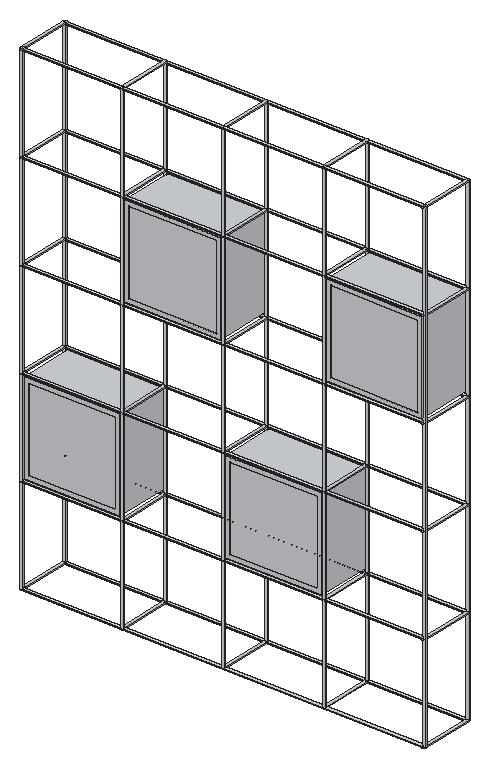
Revit family "Estante de Ferro Industrial", category Mobiliário, Revit 2019
Family settings
  Número OmniClass = 23.40.20.00
  Título OmniClass = General Furniture and Specialties
  Com base no plano de trabalho = Não
  Sempre na vertical = Sim
  Corte com vazios quando carregada = Não
  Compartilhado = Não
  Ponto de cálculo do ambiente = Não
Parameters (values of type "Padrão")
  Profundidade [instance] = 20 cm
  Nicho = none
  Largura [instance] = 150 cm
  Estrutura = none
  Altura [instance] = 180 cm
Types (2, lengths in cm): name | Largura | Altura
  Padrão | 150 | 180
  200 x 200 x 20 | 200 | 200
Reference planes (cm)
  plane 1 "Centro (Frente/Trás)": y = 0
  plane 2: z = 0
  plane 3 "Centro (Esquerda/Direita)": x = 0
  plane 4: x = 75
  plane 5: x = -75
  plane 6: y = 10
  plane 7: y = -10
  plane 8: z = 180
  plane 9: z = 36
  plane 10: z = 72
  plane 11: z = 108
  plane 12: z = 144
  plane 13: x = 37.5
  plane 14: x = -37.5
Forms (cm)
  Extrusion 1, solid, material <- "Estrutura"
    sketch origin (14.265, 12.5479, 0) x (1, 0, 0) y (0, 1, 0)
      loop
        circle (-89.265, -22.5479) r 0.5
    from 0 to 180
  Extrusion 2, solid, material <- "Estrutura"
    sketch origin (128.265, 12.5479, 0) x (1, 0, 0) y (0, 1, 0)
      loop
        circle (-53.265, -22.5479) r 0.5
    from 0 to 180
  Extrusion 3, solid, material <- "Estrutura"
    sketch origin (42.765, 12.5479, 0) x (1, 0, 0) y (0, 1, 0)
      loop
        circle (-80.265, -22.5479) r 0.5
    from 0 to 180
  Extrusion 4, solid, material <- "Estrutura"
    sketch origin (71.265, 12.5479, 0) x (1, 0, 0) y (0, 1, 0)
      loop
        circle (-71.265, -22.5479) r 0.5
    from 0 to 180
  Extrusion 5, solid, material <- "Estrutura"
    sketch origin (99.765, 12.5479, 0) x (1, 0, 0) y (0, 1, 0)
      loop
        circle (-62.265, -22.5479) r 0.5
    from 0 to 180
  Extrusion 6, solid, material <- "Estrutura"
    sketch origin (14.265, 32.5479, 0) x (1, 0, 0) y (0, 1, 0)
      loop
        circle (-89.265, -22.5479) r 0.5
    from 0 to 180
  Extrusion 7, solid, material <- "Estrutura"
    sketch origin (128.265, 32.5479, 0) x (1, 0, 0) y (0, 1, 0)
      loop
        circle (-53.265, -22.5479) r 0.5
    from 0 to 180
  Extrusion 8, solid, material <- "Estrutura"
    sketch origin (42.765, 32.5479, 0) x (1, 0, 0) y (0, 1, 0)
      loop
        circle (-80.265, -22.5479) r 0.5
    from 0 to 180
  Extrusion 9, solid, material <- "Estrutura"
    sketch origin (71.265, 32.5479, 0) x (1, 0, 0) y (0, 1, 0)
      loop
        circle (-71.265, -22.5479) r 0.5
    from 0 to 180
  Extrusion 10, solid, material <- "Estrutura"
    sketch origin (99.765, 32.5479, 0) x (1, 0, 0) y (0, 1, 0)
      loop
        circle (-62.265, -22.5479) r 0.5
    from 0 to 180
  Extrusion 11, solid
    sketch origin (0, 0, 0) x (0, 1, 0) y (0, 0, 1)
      loop
        circle (-10, 180) r 0.5
      loop
        circle (10, 180) r 0.5
    from -75 to 75
  Extrusion 12, solid
    sketch origin (0, 0, -210) x (0, 1, 0) y (0, 0, 1)
      loop
        circle (-10, 210) r 0.5
      loop
        circle (10, 210) r 0.5
    from -75 to 75
  Extrusion 13, solid
    sketch origin (0, 0, -174) x (0, 1, 0) y (0, 0, 1)
      loop
        circle (-10, 210) r 0.5
      loop
        circle (10, 210) r 0.5
    from -75 to 75
  Extrusion 14, solid
    sketch origin (0, 0, -136) x (0, 1, 0) y (0, 0, 1)
      loop
        circle (-10, 208) r 0.5
      loop
        circle (10, 208) r 0.5
    from -75 to 75
  Extrusion 15, solid
    sketch origin (0, 0, -88) x (0, 1, 0) y (0, 0, 1)
      loop
        circle (-10, 196) r 0.5
      loop
        circle (10, 196) r 0.5
    from -75 to 75
  Extrusion 16, solid
    sketch origin (0, 0, -50) x (0, 1, 0) y (0, 0, 1)
      loop
        circle (-10, 194) r 0.5
      loop
        circle (10, 194) r 0.5
    from -75 to 75
  Extrusion 17, solid
    sketch origin (0, 0, 0) x (1, 0, 0) y (0, 0, 1)
      loop
        circle (-75, 0) r 0.5
      loop
        circle (-37.5, 0) r 0.5
      loop
        circle (-75, 36) r 0.5
      loop
        circle (-75, 72) r 0.5
      loop
        circle (-75, 108) r 0.5
      loop
        circle (-75, 144) r 0.5
      loop
        circle (-75, 180) r 0.5
      loop
        circle (-37.5, 36) r 0.5
      loop
        circle (-37.5, 72) r 0.5
      loop
        circle (-37.5, 108) r 0.5
      loop
        circle (-37.5, 144) r 0.5
      loop
        circle (-37.5, 180) r 0.5
      loop
        circle (0, 36) r 0.5
      loop
        circle (0, 72) r 0.5
      loop
        circle (0, 108) r 0.5
      loop
        circle (0, 144) r 0.5
      loop
        circle (0, 180) r 0.5
      loop
        circle (37.5, 36) r 0.5
      loop
        circle (37.5, 72) r 0.5
      loop
        circle (37.5, 108) r 0.5
      loop
        circle (37.5, 144) r 0.5
      loop
        circle (37.5, 180) r 0.5
      loop
        circle (75, 36) r 0.5
      loop
        circle (75, 72) r 0.5
      loop
        circle (75, 108) r 0.5
      loop
        circle (75, 144) r 0.5
      loop
        circle (75, 180) r 0.5
      loop
        circle (0, 0) r 0.5
      loop
        circle (37.5, 0) r 0.5
      loop
        circle (75, 0) r 0.5
    from -10 to 10
  Extrusion 18, solid, material <- "Nicho"
    sketch origin (0, 0, 0) x (1, 0, 0) y (0, 0, 1)
      loop
        line (1, 37) -> (36.5, 37) -> (36.5, 71) -> (1, 71) -> (1, 37)
      loop
        line (2.5, 38.5) -> (35, 38.5) -> (35, 69.5) -> (2.5, 69.5) -> (2.5, 38.5)
    from -10 to 10
  Extrusion 19, solid
    sketch origin (0, 0, 0) x (1, 0, 0) y (0, 0, 1)
      loop
        line (1, 71) -> (1, 37) -> (36.5, 37) -> (36.5, 71) -> (1, 71)
    from 8 to 10
  Extrusion 20, solid, material <- "Nicho"
    sketch origin (-50, 0, 80) x (1, 0, 0) y (0, 0, 1)
      loop
        line (13.5, 29) -> (49, 29) -> (49, 63) -> (13.5, 63) -> (13.5, 29)
      loop
        line (15, 30.5) -> (47.5, 30.5) -> (47.5, 61.5) -> (15, 61.5) -> (15, 30.5)
    from -10 to 10
  Extrusion 21, solid
    sketch origin (-50, 0, 80) x (1, 0, 0) y (0, 0, 1)
      loop
        line (13.5, 63) -> (13.5, 29) -> (49, 29) -> (49, 63) -> (13.5, 63)
    from 8 to 10
  Extrusion 22, solid, material <- "Nicho"
    sketch origin (50, 0, 80) x (1, 0, 0) y (0, 0, 1)
      loop
        line (-11.5, 29) -> (24, 29) -> (24, 63) -> (-11.5, 63) -> (-11.5, 29)
      loop
        line (-10, 30.5) -> (22.5, 30.5) -> (22.5, 61.5) -> (-10, 61.5) -> (-10, 30.5)
    from -10 to 10
  Extrusion 23, solid
    sketch origin (50, 0, 80) x (1, 0, 0) y (0, 0, 1)
      loop
        line (-11.5, 63) -> (-11.5, 29) -> (24, 29) -> (24, 63) -> (-11.5, 63)
    from 8 to 10
  Extrusion 24, solid, material <- "Nicho"
    sketch origin (-100, 0, 0) x (1, 0, 0) y (0, 0, 1)
      loop
        line (26, 37) -> (61.5, 37) -> (61.5, 71) -> (26, 71) -> (26, 37)
      loop
        line (27.5, 38.5) -> (60, 38.5) -> (60, 69.5) -> (27.5, 69.5) -> (27.5, 38.5)
    from -10 to 10
  Extrusion 25, solid
    sketch origin (-100, 0, 0) x (1, 0, 0) y (0, 0, 1)
      loop
        line (26, 71) -> (26, 37) -> (61.5, 37) -> (61.5, 71) -> (26, 71)
    from 8 to 10
Dimensions and locks (cm)
  equal spacing: plane 5, plane 3 "Centro (Esquerda/Direita)", plane 4
  "Largura": plane 5 to plane 4
  equal spacing: plane 6, plane 1 "Centro (Frente/Trás)", plane 7
  "Profundidade": plane 6 to plane 7
  equal spacing: plane 5, Extrusion 3 sketch curve, plane 3 "Centro (Esquerda/Direita)"
  equal spacing: plane 3 "Centro (Esquerda/Direita)", Extrusion 5 sketch curve, plane 4
  equal spacing: plane 5, Extrusion 8 sketch curve, plane 3 "Centro (Esquerda/Direita)"
  equal spacing: plane 3 "Centro (Esquerda/Direita)", Extrusion 10 sketch curve, plane 4
  "Altura": plane 8 to level
  equal spacing: plane 8, plane 12, plane 11, plane 10, plane 9, level
  equal spacing: plane 3 "Centro (Esquerda/Direita)", plane 13, plane 4
  equal spacing: plane 3 "Centro (Esquerda/Direita)", plane 14, plane 5
  locked: Extrusion 19 to Extrusion 19 at 2
  locked: Extrusion 21 to Extrusion 21 at 2
  locked: Extrusion 23 to Extrusion 23 at 2
  locked: Extrusion 25 to Extrusion 25 at 2
  aligned and locked: level to plane 2
  aligned and locked: plane 4 to Extrusion 2 sketch curve
  aligned and locked: plane 7 to Extrusion 2 sketch curve
  aligned and locked: plane 8 to Extrusion 2
  aligned and locked: plane 8 to Extrusion 5
  aligned and locked: plane 8 to Extrusion 4
  aligned and locked: plane 8 to Extrusion 3
  aligned and locked: plane 8 to Extrusion 1
  aligned and locked: plane 8 to Extrusion 7
  aligned and locked: plane 8 to Extrusion 10
  aligned and locked: plane 8 to Extrusion 9
  aligned and locked: plane 8 to Extrusion 8
  aligned and locked: plane 8 to Extrusion 6
  aligned and locked: plane 8 to Extrusion 11 sketch curve  (x2)
  aligned and locked: plane 7 to Extrusion 11 sketch curve
  aligned and locked: plane 6 to Extrusion 11 sketch curve
  aligned and locked: plane 5 to Extrusion 11
  aligned and locked: level to Extrusion 12 sketch curve  (x2)
  aligned and locked: plane 7 to Extrusion 12 sketch curve
  aligned and locked: plane 6 to Extrusion 12 sketch curve
  aligned and locked: Extrusion 11 to plane 4
  aligned and locked: plane 5 to Extrusion 12
  aligned and locked: Extrusion 12 to plane 4
  aligned and locked: plane 12 to Extrusion 16 sketch curve  (x2)
  aligned and locked: plane 7 to Extrusion 16 sketch curve
  aligned and locked: plane 6 to Extrusion 16 sketch curve
  aligned and locked: plane 7 to Extrusion 15 sketch curve
  aligned and locked: plane 11 to Extrusion 15 sketch curve  (x2)
  aligned and locked: plane 6 to Extrusion 15 sketch curve
  aligned and locked: plane 7 to Extrusion 14 sketch curve
  aligned and locked: plane 10 to Extrusion 14 sketch curve  (x2)
  aligned and locked: plane 6 to Extrusion 14 sketch curve
  aligned and locked: plane 9 to Extrusion 13 sketch curve  (x2)
  aligned and locked: plane 7 to Extrusion 13 sketch curve
  aligned and locked: plane 6 to Extrusion 13 sketch curve
  aligned and locked: plane 5 to Extrusion 15
  aligned and locked: plane 5 to Extrusion 16
  aligned and locked: plane 5 to Extrusion 14
  aligned and locked: plane 5 to Extrusion 13
  aligned and locked: Extrusion 16 to plane 4
  aligned and locked: Extrusion 15 to plane 4
  aligned and locked: Extrusion 14 to plane 4
  aligned and locked: Extrusion 13 to plane 4
  aligned and locked: plane 5 to Extrusion 17 sketch curve  (x5)
  aligned and locked: plane 2 to Extrusion 17 sketch curve
  aligned and locked: level to Extrusion 17 sketch curve  (x4)
  aligned and locked: plane 6 to Extrusion 17
  aligned and locked: Extrusion 17 to plane 7
  aligned and locked: plane 8 to Extrusion 17 sketch curve  (x5)
  aligned and locked: plane 12 to Extrusion 17 sketch curve  (x5)
  aligned and locked: plane 11 to Extrusion 17 sketch curve  (x5)
  aligned and locked: plane 10 to Extrusion 17 sketch curve  (x5)
  aligned and locked: plane 3 "Centro (Esquerda/Direita)" to Extrusion 17 sketch curve  (x6)
  aligned and locked: plane 4 to Extrusion 17 sketch curve  (x6)
  aligned and locked: plane 9 to Extrusion 17 sketch curve  (x5)
  aligned and locked: Extrusion 17 sketch curve to plane 13
  aligned and locked: plane 13 to Extrusion 17 sketch curve  (x5)
  aligned and locked: plane 14 to Extrusion 17 sketch curve  (x5)
  aligned and locked: Extrusion 17 sketch curve to plane 14
  aligned and locked: plane 6 to Extrusion 18
  aligned and locked: Extrusion 18 to plane 7
  aligned and locked: Extrusion 19 sketch curve to Extrusion 18  (x4)
  aligned and locked: Extrusion 19 to Extrusion 18
  aligned and locked: Extrusion 21 sketch curve to Extrusion 20  (x4)
  aligned and locked: Extrusion 21 to Extrusion 20
  aligned and locked: Extrusion 23 sketch curve to Extrusion 22  (x4)
  aligned and locked: Extrusion 23 to Extrusion 22
  aligned and locked: Extrusion 25 sketch curve to Extrusion 24  (x4)
  aligned and locked: Extrusion 25 to Extrusion 24
  aligned and locked: plane 6 to Extrusion 22
  aligned and locked: Extrusion 23 to plane 7
  aligned and locked: Extrusion 25 to Extrusion 19
  aligned and locked: Extrusion 20 to Extrusion 22
  aligned and locked: Extrusion 24 to Extrusion 18
  aligned and locked: Extrusion 20 to Extrusion 18
Automatic sketch dimensions
  Extrusion 1 sketch curve to plane 5 = 0 cm
  Extrusion 1 sketch curve to plane 7 = 0 cm
  Extrusion 3 sketch curve to plane 7 = 0 cm
  Extrusion 4 sketch curve to plane 3 "Centro (Esquerda/Direita)" = 0 cm
  Extrusion 4 sketch curve to plane 7 = 0 cm
  Extrusion 5 sketch curve to plane 7 = 0 cm
  Extrusion 6 sketch curve to plane 5 = 0 cm
  Extrusion 6 sketch curve to plane 6 = 0 cm
  Extrusion 7 sketch curve to plane 4 = 0 cm
  plane 6 to Extrusion 7 sketch curve = 0 cm
  Extrusion 8 sketch curve to plane 6 = 0 cm
  Extrusion 9 sketch curve to plane 3 "Centro (Esquerda/Direita)" = 0 cm
  Extrusion 9 sketch curve to plane 6 = 0 cm
  Extrusion 10 sketch curve to plane 6 = 0 cm
  plane 5 to Extrusion 17 sketch curve = 0 cm
  plane 3 "Centro (Esquerda/Direita)" to Extrusion 18 sketch curve = 1 cm
  Extrusion 18 sketch curve to Extrusion 18 sketch curve = 1.5 cm  (x2)
  plane 13 to Extrusion 18 sketch curve = 2.5 cm
  plane 13 to Extrusion 18 sketch curve = 1 cm
  plane 9 to Extrusion 18 sketch curve = 1 cm
  Extrusion 18 sketch curve to plane 10 = 2.5 cm
  Extrusion 18 sketch curve to plane 10 = 1 cm
  Extrusion 20 sketch curve to plane 14 = 1 cm
  Extrusion 20 sketch curve to Extrusion 20 sketch curve = 1.5 cm  (x2)
  Extrusion 20 sketch curve to plane 3 "Centro (Esquerda/Direita)" = 2.5 cm
  Extrusion 20 sketch curve to plane 3 "Centro (Esquerda/Direita)" = 1 cm
  plane 11 to Extrusion 20 sketch curve = 1 cm
  Extrusion 20 sketch curve to plane 12 = 2.5 cm
  Extrusion 20 sketch curve to plane 12 = 1 cm
  Extrusion 22 sketch curve to plane 13 = 1 cm
  Extrusion 22 sketch curve to Extrusion 22 sketch curve = 1.5 cm  (x2)
  plane 4 to Extrusion 22 sketch curve = 2.5 cm
  plane 4 to Extrusion 22 sketch curve = 1 cm
  plane 11 to Extrusion 22 sketch curve = 1 cm
  Extrusion 22 sketch curve to plane 12 = 2.5 cm
  Extrusion 22 sketch curve to plane 12 = 1 cm
  Extrusion 24 sketch curve to plane 5 = 1 cm
  Extrusion 24 sketch curve to Extrusion 24 sketch curve = 1.5 cm  (x2)
  plane 14 to Extrusion 24 sketch curve = 2.5 cm
  plane 14 to Extrusion 24 sketch curve = 1 cm
  plane 9 to Extrusion 24 sketch curve = 1 cm
  Extrusion 24 sketch curve to plane 10 = 2.5 cm
  Extrusion 24 sketch curve to plane 10 = 1 cm
  radius of Extrusion 1 sketch curve = 0.5 cm
  radius of Extrusion 2 sketch curve = 0.5 cm
  radius of Extrusion 3 sketch curve = 0.5 cm
  radius of Extrusion 4 sketch curve = 0.5 cm
  radius of Extrusion 5 sketch curve = 0.5 cm
  radius of Extrusion 6 sketch curve = 0.5 cm
  radius of Extrusion 7 sketch curve = 0.5 cm
  radius of Extrusion 8 sketch curve = 0.5 cm
  radius of Extrusion 9 sketch curve = 0.5 cm
  radius of Extrusion 10 sketch curve = 0.5 cm
  radius of Extrusion 11 sketch curve = 0.5 cm  (x2)
  radius of Extrusion 12 sketch curve = 0.5 cm  (x2)
  radius of Extrusion 13 sketch curve = 0.5 cm  (x2)
  radius of Extrusion 14 sketch curve = 0.5 cm  (x2)
  radius of Extrusion 15 sketch curve = 0.5 cm  (x2)
  radius of Extrusion 16 sketch curve = 0.5 cm  (x2)
  radius of Extrusion 17 sketch curve = 0.5 cm  (x30)
